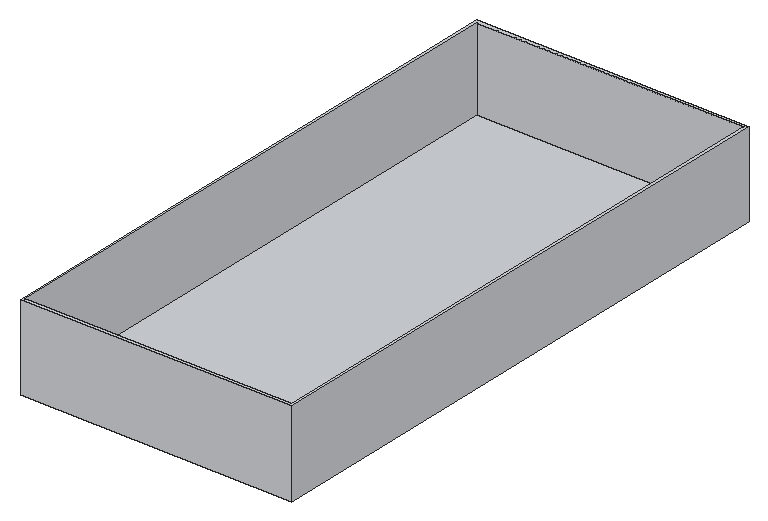
Revit family "Hager-Volta-IP30-Surface_mounted-empty-CH-en", category Electrical Equipment, host Face, Revit 2020
Family settings
  Host = Face
  Panel Configuration = Two Columns, Circuits Across
  Round Connector Dimension = Use Diameter
  Part Type = Panelboard
  Cut with Voids When Loaded = No
  Shared = No
  Room Calculation Point = No
Parameters (values of type "Surface mounted IP30 W305 H640 D96.5 12 Modular spacings - VA48MD")
  Width Control [instance] = if([HG000006 - Flush mounted], if([EF000846 - Built-in width] > min_whd, [EF000846 - Built-in width], min_whd), if([EF000008 - Width] > min_whd, ([EF000008 - Width]), min_whd))  # 305 mm
  Void Depth [instance] = if([HG000006 - Flush mounted], Depth Control, 1 mm)  # 1 mm
  Type Comments = [HG000003 - Range]  # "Volta"
  System Height [instance] = Height Control - 2 * [HG000005 - Thickness]  # 634 mm
  Model = [HG000004 - Manufacturer reference]  # "VA48MD"
  HG000017 - Distance between poles = 18 mm
  HG000016 - Door 3d visibility [instance] = yes
  HG000015 - Clearance visibility [instance] = no
  HG000014 - Door on the right [instance] = yes
  HG000013 - Door on the left [instance] = not([HG000014 - Door on the right])  # no
  HG000012 - Door swing angle [instance] = 45.00°
  HG000011 - Empty rows from bottom = no
  HG000010 - Asymmetric doors = no
  HG000009 - Double swing door = no
  HG000008 - Number of empty rows = 0
  HG000007 - Number of empty columns = 0
  HG000006 - Flush mounted = no
  HG000005 - Thickness = 3 mm  # constant formula
  HG000004 - Manufacturer reference = "VA48MD"
  HG000003 - Range = "Volta"
  HG000002 - With door or cover = no
  HG000001 - Number of columns = 0
  EF015941 - Signal passing door = no
  EF015777 - Neutral terminal block = no
  EF015776 - Earthing terminal block = no
  EF009212 - Cover model = "EV009916 - With notch"
  EF006306 - With lock = no
  EF006244 - Transparent cover/door = no
  EF005474 - Degree of protection (IP) = "EV006410 - IP30"
  EF004462 - Type of closure = ""
  EF002950 - Width in number of modular spacings = 12
  EF001596 - Material housing = ""
  EF001134 - DIN-rail = no
  EF001131 - Internal depth = 0 mm
  EF001088 - Extension possible = yes
  EF001062 - EMC-version = no
  EF000846 - Built-in width = 0 mm
  EF000339 - Type of cover = "EV000494 - None"
  EF000332 - Built-in height = 0 mm
  EF000266 - Number of rows = 0
  EF000218 - Built-in depth = 0 mm
  EF000118 - With mounting plate = yes
  EF000116 - RAL-number = "9010"
  EF000049 - Depth = 96 mm
  EF000040 - Height = 640 mm
  EF000008 - Width = 305 mm
  EF000007 - Colour = ""
  EF000003 - Mounting method = "EV000384 - Surface mounted (plaster)"
  Arrow Offset [instance] = Depth Control / 8  # 12 mm
  Arrow Height [instance] = Depth Control - Arrow Offset  # 84 mm
  Host Offset [instance] = if([HG000006 - Flush mounted], 0 mm, [EF000049 - Depth])  # 96 mm
  min_whd [instance] = (2 * [HG000005 - Thickness]) + 1 mm  # 7 mm
  Manufacturer = "Hager"  # constant formula
  Height Control [instance] = if([HG000006 - Flush mounted], if([EF000332 - Built-in height] > min_whd, [EF000332 - Built-in height], min_whd), if([EF000040 - Height] > min_whd, ([EF000040 - Height]), min_whd))  # 640 mm
  Flush Mounted - Door Frame Width [instance] = if(([EF000040 - Height] - [EF000332 - Built-in height]) > 0 mm, if([HG000006 - Flush mounted], [EF000040 - Height] - [EF000332 - Built-in height], 0 mm), 0 mm)  # 0 mm
  Depth Control [instance] = if([HG000006 - Flush mounted], if([EF000218 - Built-in depth] > 0 mm, [EF000218 - Built-in depth], 1 mm), if([EF000049 - Depth] > 0 mm, ([EF000049 - Depth]), 1 mm))  # 96 mm
  Default Elevation = 0 mm
Reference planes
  plane 1 "Center (Front/Back)": y = 0
  plane 2: z = 0
  plane 3 "Center (Left/Right)": x = 0
  plane 4: z = 96
  plane 5: y = 3
  plane 6: z = 91
  plane 7: y = 320
  plane 8: y = 0
  plane 9: y = 640
  plane 10: z = 0
  plane 11: x = -152.5
  plane 12: x = 152.5
  plane 13: x = 149.5
  plane 14: x = -149.5
  plane 15: y = 637
  plane 16: z = 3
  plane 17: z = 93
  plane 18: z = -1
  plane 19: z = 93
Forms (mm)
  Extrusion 1, solid
    sketch origin (-583.045, 0, 1219.2) x (-1, 0, 0) y (0, 0, 1)
      loop
        line (-430.545, -1123.2) -> (-735.545, -1123.2) -> (-735.545, -1219.2) -> (-430.545, -1219.2) -> (-430.545, -1123.2)
    from 0 to 640 <- "Height Control"
  Extrusion 2, void
    sketch origin (-381.607, -4572, 96) x (0, -1, 0) y (-1, 0, 0)
      loop
        line (-5209, -232.107) -> (-5209, -531.107) -> (-4575, -531.107) -> (-4575, -232.107) -> (-5209, -232.107)
    from 0 to 93
  Extrusion 3, void
    sketch origin (0, 0, 0) x (1, 0, 0) y (0, 1, 0)
      loop
        line (-152.5, 0) -> (152.5, 0) -> (152.5, 640) -> (-152.5, 640) -> (-152.5, 0)
    from -1 to 1
  Extrusion 4, solid, detail levels coarse+medium
    sketch origin (-381.607, -4572, 96) x (-1, 0, 0) y (0, -1, 0)
      loop
        line (-232.107, -5209) -> (-232.107, -4575) -> (-531.107, -4575) -> (-531.107, -5209) -> (-232.107, -5209)
    from 0 to -3
Cuts and joins
  Extrusion 2 cuts Extrusion 1
Dimensions and locks
  plane 4 to plane 6 = 5 mm
  "Host Offset": plane 4 to host face
  "Flush Mounted - Door Frame Width": plane 1 "Center (Front/Back)" to plane 8
  "HG000005 - Thickness": plane 5 to plane 8
  locked: connector elem to plane 3 "Center (Left/Right)"
  "Height Control": plane 9 to plane 8
  equal spacing: plane 9, plane 7, plane 8
  locked: connector elem to plane 7
  "Depth Control": plane 4 to plane 10
  "HG000005 - Thickness": plane 11 to plane 14
  "HG000005 - Thickness": plane 12 to plane 13
  equal spacing: plane 11, plane 3 "Center (Left/Right)", plane 12
  "Width Control": plane 11 to plane 12
  "Arrow Offset": nested 4 to plane 10
  "HG000005 - Thickness": plane 9 to plane 15
  "HG000005 - Thickness": plane 16 to plane 10
  "HG000005 - Thickness": plane 4 to plane 17
  "Void Depth": plane 2 to plane 18
  "HG000005 - Thickness": plane 4 to plane 19
  aligned and locked: plane 2 to host face
  aligned and locked: level to host face
  aligned and locked: plane 3 "Center (Left/Right)" to nested 2
  aligned and locked: plane 4 to nested 2
  aligned and locked: nested 2 to plane 8
  aligned and locked: nested 1 to plane 6
  aligned and locked: plane 5 to nested 1
  aligned and locked: nested 4 to plane 11
  aligned and locked: nested 3 to plane 4
  aligned and locked: Extrusion 1 sketch curve to plane 12
  aligned and locked: Extrusion 1 sketch curve to plane 11
  aligned and locked: nested 3 to plane 10
  aligned and locked: plane 10 to Extrusion 1 sketch curve
  aligned and locked: plane 5 to Extrusion 2 sketch curve
  aligned and locked: Extrusion 2 sketch curve to plane 15
  aligned and locked: Extrusion 2 sketch curve to plane 14
  aligned and locked: Extrusion 2 sketch curve to plane 13
  aligned and locked: plane 11 to Extrusion 3 sketch curve
  aligned and locked: plane 9 to Extrusion 3 sketch curve
  aligned and locked: Extrusion 3 sketch curve to plane 8
  aligned and locked: plane 12 to Extrusion 3 sketch curve
  aligned and locked: nested 3 to plane 12
  aligned and locked: Extrusion 3 to plane 18
  aligned and locked: Extrusion 2 to plane 16
  aligned and locked: Extrusion 1 sketch curve to plane 4
  aligned and locked: Extrusion 4 to plane 17
  aligned and locked: Extrusion 4 sketch curve to plane 15
  aligned and locked: Extrusion 4 sketch curve to plane 13
  aligned and locked: Extrusion 4 sketch curve to plane 14
  aligned and locked: plane 5 to Extrusion 4 sketch curve
Automatic sketch dimensions
  host sketch curve to host sketch curve = 1469.727 mm
  host sketch curve to host sketch curve = 1434.803 mm
Nested families
  nested 1: "Hager_Enclosure_System" at (0, 3, 91) x (1, 0, 0) z (0, 1, 0), Depth <- "HG000005 - Thickness", Height <- "System Height", Width <- "EF000008 - Width", Border <- "HG000005 - Thickness", Flush_Mounted <- "HG000006 - Flush mounted", Built-in_Width <- "EF000846 - Built-in width", Row_Module_Multiplicator <- "EF002950 - Width in number of modular spacings", Total_No_Empty_Rows <- "HG000008 - Number of empty rows", Total_No_Rows <- "EF000266 - Number of rows", Empty_Columns <- "HG000007 - Number of empty columns", Width_Control <- "Width Control", Empty_Rows_From_Bottom <- "HG000011 - Empty rows from bottom", Distance_Between_Poles <- "HG000017 - Distance between poles", Rows_Count <- "EF000266 - Number of rows", Columns_Count <- "HG000001 - Number of columns", type "Hager_Enclosure_System", detail levels fine
    with Width_Control 305 mm, Width 305 mm, Total_No_Rows 0, Total_No_Empty_Rows 0, Total_No_Columns 1, System_Width 299 mm, Rows_Count 0, Rows_Column 0, Row_Module_Multiplicator 12, Panel_4 no, Panel_3 no, Panel_2 no, Panel_1 no, No_Panels_Ctrl 1, Hide_Columns yes, Height 634 mm, Flush_Mounted no, Empty_Rows_From_Bottom no, Empty_Rows_Column 0, Empty_Columns 0, Distance_Between_Poles 18 mm, Depth 3 mm, Columns_Count 0, Column_Width 299 mm, Built-in_Width 0 mm, Border 3 mm
  nested 2: "Hager_Enclosure_Door" at (0, 0, 96) x (1, 0, 0) z (0, 1, 0), Border <- "HG000005 - Thickness", Door_Right <- "HG000014 - Door on the right", Flush_Mounted <- "HG000006 - Flush mounted", Depth <- "EF000049 - Depth", Width <- "EF000008 - Width", Door_Left <- "HG000013 - Door on the left", 3d_Door <- "HG000016 - Door 3d visibility", BuiltIn_Width <- "EF000846 - Built-in width", BuiltIn_Height <- "EF000332 - Built-in height", BuiltIn_Depth <- "EF000218 - Built-in depth", Angle <- "HG000012 - Door swing angle", Assymetrical <- "HG000010 - Asymmetric doors", Double <- "HG000009 - Double swing door", Clearance <- "HG000015 - Clearance visibility", Transparent <- "EF006244 - Transparent cover/door", Door <- "HG000002 - With door or cover", Height_Ctrl <- "Height Control", Width_Ctrl <- "Width Control", Height <- "EF000040 - Height", type "Hager_Enclosure_Door", detail levels medium+fine
    with min_wh 7 mm, Width_Ctrl 305 mm, Width 305 mm, Transparent_Door_No_Bottom_Border no, Transparent no, Leaf_Width 296 mm, Leaf_Tolerance 1.5 mm, Leaf_Height 631 mm, Leaf_2_Width 296 mm, Leaf_2_Offset 148 mm, Leaf_1_Width 296 mm, Leaf_1_Offset 148 mm, Height_Ctrl 640 mm, Height 640 mm, Frame_Width_Ctrl 305 mm, Frame_Width 305 mm, Frame_Internal_Offset 0 mm, Frame_Height_Ctrl 640 mm, Frame_Height 640 mm, Frame_Depth_Ctrl 1 mm, Frame_Depth 0 mm, Flush_Mounted no, Double_Clearance_Ctrl no, Double no, Door_Right_Ctrl no, Door_Right yes, Door_Left_Ctrl no, Door_Left no, Door no, Depth 96 mm, Clearance_Depth 296 mm, Clearance_Ctrl no, Clearance no, BuiltIn_Width 0 mm, BuiltIn_Height 0 mm, BuiltIn_Depth 0 mm, Border 3 mm, Assymetrical no, Angle 45.00°, 3d_Door yes
  nested 3: "Hager_Enclosure_Symbol_Triangle" at (-152.5, 0, 0) x (1, 0, 0) z (0, -1, 0), Depth <- "Depth Control", Width <- "Width Control", type "Hager_Enclosure_Symbol_Triangle"
    with Width_Ctrl 305 mm, Width 305 mm, Depth_Ctrl 96 mm, Depth 96 mm
  nested 4: "Hager_Enclosure_Symbol_Arrow" at (-152.5, 0, 12) x (1, 0, 0) z (0, -1, 0), Height <- "Arrow Height", type "Hager_Enclosure_Symbol_Arrow"
    with Width_Inside 6.3 mm, Width 75.6 mm, Height_Ctrl 84 mm, Height 84 mm
Connectors
  electrical at (0, 320, 0)
    settings: on plane 10, index 1, voltage 0 V, apparent load 0 VA, apparent load phase1 0 VA, apparent load phase2 0 VA, apparent load phase3 0 VA, power factor 1, load classification "Other", number of poles 1, system type 30, power factor state 1, is connector primary yes, connector utility no, sub classification motor no, connector description ""
Definition of nested family "Hager_Enclosure_Door"
  Parameters (values of type "Hager_Enclosure_Door")
    min_wh [instance] = (2 * Border) + 1 mm  # 11 mm
    Width_Ctrl [instance] = 400 mm
    Width [instance] = 500 mm
    Transparent_Door_No_Bottom_Border [instance] = no
    Transparent [instance] = yes
    Leaf_Width [instance] = if((Width_Ctrl - 2 * Border - 2 * Leaf_Tolerance) > 0 mm, (Width_Ctrl - 2 * Border - 2 * Leaf_Tolerance), min_wh)  # 387 mm
    Leaf_Tolerance [instance] = 1.5 mm  # constant formula
    Leaf_Height [instance] = if((Height_Ctrl - 2 * Border - 2 * Leaf_Tolerance) > 0 mm, (Height_Ctrl - 2 * Border - 2 * Leaf_Tolerance), min_wh)  # 387 mm
    Leaf_2_Width [instance] = if(and(and(Double, Assymetrical), Door_Left), (Leaf_Width / 3) - (Leaf_Tolerance / 2), if(and(and(Double, Assymetrical), Door_Right), (Leaf_Width / 3) * 2 - (Leaf_Tolerance / 2), if(and(Double, not(Assymetrical)), (Leaf_Width / 2) - Leaf_Tolerance, Leaf_Width)))  # 387 mm
    Leaf_2_Offset [instance] = if(and(Double, Assymetrical), Leaf_2_Width / 2, if(and(Double, not(Assymetrical)), Leaf_Width / 4, Leaf_Width / 2))  # 193.5 mm
    Leaf_1_Width [instance] = if(and(and(Double, Assymetrical), Door_Right), (Leaf_Width / 3) - (Leaf_Tolerance / 2), if(and(and(Double, Assymetrical), Door_Left), (Width / 3) * 2 - (Leaf_Tolerance / 2), if(and(Double, not(Assymetrical)), (Leaf_Width / 2) - Leaf_Tolerance, Leaf_Width)))  # 387 mm
    Leaf_1_Offset [instance] = if(and(Double, Assymetrical), Leaf_1_Width / 2, if(and(Double, not(Assymetrical)), Leaf_Width / 4, Leaf_Width / 2))  # 193.5 mm
    Height_Ctrl [instance] = 400 mm
    Height [instance] = 500 mm
    Frame_Width_Ctrl [instance] = if(Frame_Width > 0 mm, Frame_Width, 1 mm)  # 1 mm
    Frame_Width [instance] = Width - BuiltIn_Width  # 0 mm
    Frame_Internal_Offset [instance] = if(Flush_Mounted, Border, 0 mm)  # 5 mm
    Frame_Height_Ctrl [instance] = if(Frame_Height > 0 mm, Frame_Height, 1 mm)  # 1 mm
    Frame_Height [instance] = Height - BuiltIn_Height  # 0 mm
    Frame_Depth_Ctrl [instance] = if(Frame_Depth > 0 mm, Frame_Depth, 1 mm)  # 1 mm
    Frame_Depth [instance] = if(Depth - BuiltIn_Depth > 0 mm, if(Flush_Mounted, Depth - BuiltIn_Depth, 0 mm), 0 mm)  # 0 mm
    Flush_Mounted [instance] = yes
    Double_Clearance_Ctrl [instance] = and(Double, Clearance)  # no
    Double [instance] = no
    Door_Right_Ctrl [instance] = and(or(Door_Right, Double), Door)  # yes
    Door_Right [instance] = yes
    Door_Left_Ctrl [instance] = and(or(Door_Left, Double), Door)  # no
    Door_Left [instance] = no
    Door [instance] = yes
    Depth [instance] = 500 mm
    Default Elevation = 1219.2 mm
    Clearance_Material = none
    Clearance_Depth [instance] = if(Leaf_1_Width > Leaf_2_Width, Leaf_1_Width, Leaf_2_Width)  # 387 mm
    Clearance_Ctrl [instance] = and(not(Double), Clearance)  # yes
    Clearance [instance] = yes
    BuiltIn_Width [instance] = 500 mm
    BuiltIn_Height [instance] = 500 mm
    BuiltIn_Depth [instance] = 500 mm
    Border [instance] = 5 mm
    Assymetrical [instance] = yes
    Angle [instance] = 30.00°
    3d_Door [instance] = yes
  Reference planes
    plane 1 "Center (Front/Back)": y = 0
    plane 2 "Bottom": z = 0
    plane 3 "Center (Left/Right)": x = 0
    plane 4: z = 400
    plane 5: x = -200
    plane 6: x = 200
    plane 7: z = 395
    plane 8: x = -195
    plane 9: z = 5
    plane 10: x = 195
    plane 11: y = 0
    plane 12: z = 6.5
    plane 13: x = -582
    plane 14: y = -387
    plane 15: x = 582
    plane 16: x = 0
    plane 17: x = 0
    plane 18: x = -193.5
    plane 19: x = 193.5
    plane 20: z = 393.5
  Forms (mm)
    Extrusion 1, solid, visible <- "Flush_Mounted"
      sketch origin (0, 0, 0) x (1, 0, 0) y (0, 0, 1)
        loop
          line (195, 5) -> (195, 395) -> (-195, 395) -> (-195, 5) -> (195, 5)
        loop
          line (-201, 401) -> (-201, -1) -> (201, -1) -> (201, 401) -> (-201, 401)
      from 0 to 1 <- "Frame_Depth_Ctrl"
    Extrusion 2, solid, material <- "Clearance_Material", visible <- "Double_Clearance_Ctrl"
      sketch origin (1200, 0, 0) x (1, 0, 0) y (0, 0, -1)
        loop
          line (-1782, -393.5) -> (-618, -393.5) -> (-618, 0) -> (-1782, 0) -> (-1782, -393.5)
      from 0 to -387
  Dimensions and locks
    equal spacing: plane 5, plane 3 "Center (Left/Right)", plane 6
    "Width_Ctrl": plane 5 to plane 6
    "Border": plane 5 to plane 8
    "Border": plane 6 to plane 10
    "Border": plane 9 to level
    "Border": plane 4 to plane 7
    "Height_Ctrl": plane 4 to level
    "Leaf_Tolerance": plane 12 to plane 9
    "Frame_Depth": plane 11 to plane 1 "Center (Front/Back)"
    "Frame_Width_Ctrl": plane 5 to Extrusion 1 sketch curve
    "Frame_Width_Ctrl": plane 6 to Extrusion 1 sketch curve
    "Frame_Width_Ctrl": Extrusion 1 sketch curve to plane 4
    "Frame_Width_Ctrl": plane 2 "Bottom" to Extrusion 1 sketch curve
    "Leaf_1_Offset": plane 18 to plane 16
    "Leaf_2_Offset": plane 17 to plane 19
    "Leaf_1_Width": plane 13 to plane 8
    "Leaf_2_Width": plane 10 to plane 15
    "Clearance_Depth": plane 14 to plane 1 "Center (Front/Back)"
    "Leaf_Tolerance": plane 8 to plane 18
    "Leaf_Tolerance": plane 19 to plane 10
    "Leaf_Tolerance": plane 7 to plane 20
    "Frame_Internal_Offset": plane 5 to Extrusion 1 sketch curve
    "Frame_Internal_Offset": Extrusion 1 sketch curve to plane 2 "Bottom"
    "Frame_Internal_Offset": plane 6 to Extrusion 1 sketch curve
    "Frame_Internal_Offset": plane 4 to Extrusion 1 sketch curve
    aligned and locked: level to plane 2 "Bottom"
    aligned and locked: nested 1 to plane 16
    aligned and locked: nested 2 to plane 17
    aligned and locked: Extrusion 2 to plane 13
    aligned and locked: plane 15 to Extrusion 2
    aligned and locked: Extrusion 2 to plane 14
    aligned and locked: plane 12 to nested 1
    aligned and locked: nested 2 to plane 12
    aligned and locked: Extrusion 2 to plane 11
    aligned and locked: plane 20 to Extrusion 2
    aligned and locked: nested 2 to plane 11
    aligned and locked: nested 1 to plane 11
  Automatic sketch dimensions
    Extrusion 2 sketch curve to level = 0 mm
    plane 5 to Extrusion 2 sketch curve = 382 mm
    plane 6 to Extrusion 2 sketch curve = 382 mm
    Extrusion 2 sketch curve to plane 4 = 6.5 mm
  Nested families
    nested 1: "Hager_Enclosure_Door_Leaf" at (0, 0, 6.5), Width <- "Leaf_1_Width", visible <- "Door_Left_Ctrl", Leaf_Height <- "Leaf_Height", Angle <- "Angle", Depth <- "Border", 3d_Door <- "3d_Door", Transparent <- "Transparent", Clearance Material <- "Clearance_Material", Clearance <- "Clearance_Ctrl", Transparent_Door_No_Bottom_Border <- "Transparent_Door_No_Bottom_Border", type "Hager_Enclosure_Door_Leaf"
      with Width 387 mm, Transparent_Door_No_Bottom_Border no, Transparent_Door_Border_Bottom_Top 25 mm, Transparent_Door_Border 25 mm, Transparent_Ctrl yes, Transparent yes, Standard no, Leaf_Height 387 mm, Glass_Offset 1 mm, Depth 5 mm, Clearance Material none, Clearance yes, Angle_Ctrl 30.00°, Angle 30.00°, 3d_Door yes
    nested 2: "Hager_Enclosure_Door_Leaf" at (0, 0, 6.5) x (-1, 0, 0) z (0, 0, 1), Width <- "Leaf_2_Width", visible <- "Door_Right_Ctrl", Leaf_Height <- "Leaf_Height", Angle <- "Angle", Depth <- "Border", 3d_Door <- "3d_Door", Transparent <- "Transparent", Clearance Material <- "Clearance_Material", Clearance <- "Clearance_Ctrl", Transparent_Door_No_Bottom_Border <- "Transparent_Door_No_Bottom_Border", type "Hager_Enclosure_Door_Leaf"
      with Width 387 mm, Transparent_Door_No_Bottom_Border no, Transparent_Door_Border_Bottom_Top 25 mm, Transparent_Door_Border 25 mm, Transparent_Ctrl yes, Transparent yes, Standard no, Leaf_Height 387 mm, Glass_Offset 1 mm, Depth 5 mm, Clearance Material none, Clearance yes, Angle_Ctrl 30.00°, Angle 30.00°, 3d_Door yes
  Definition of nested family "Hager_Enclosure_Door_Leaf"
    Parameters (values of type "Hager_Enclosure_Door_Leaf")
      Width [instance] = 2000 mm
      Transparent_Door_No_Bottom_Border [instance] = yes
      Transparent_Door_Border_Bottom_Top [instance] = if(Transparent_Door_No_Bottom_Border, 0.1 mm, Transparent_Door_Border)  # 0.1 mm
      Transparent_Door_Border [instance] = if(Transparent_Door_No_Bottom_Border, (Width * 0.12), 25 mm)  # 240 mm
      Transparent_Ctrl [instance] = and(Transparent, [3d_Door])  # yes
      Transparent [instance] = yes
      Standard [instance] = and(not(Transparent), [3d_Door])  # no
      Leaf_Height [instance] = 2720.336 mm
      Glass_Offset [instance] = if((Depth - 10 mm) / 2 > 0 mm, (Depth - 10 mm) / 2, 1 mm)  # 15 mm
      Glass_Material = none
      Depth [instance] = 40 mm
      Default Elevation = 0 mm
      Clearance Material [instance] = none
      Clearance [instance] = yes
      Angle_Ctrl [instance] = if(Angle > 170.00°, 170.00°, Angle)  # 45.00°
      Angle [instance] = 45.00°
      3d_Door [instance] = yes
    Reference planes
      plane 1 "Center (Front/Back)": y = 0
      plane 2: z = 0
      plane 3 "Center (Left/Right)": x = 0
      plane 4: y = 2000
      plane 5: x = -1000
      plane 6: x = 1000
      plane 7: x = -3000
      plane 8: z = 2720.336
      plane 9: z = 0.1
      plane 10: z = 2720.236
      plane 11: x = 760
      plane 12: x = -760
    Forms (mm)
      Extrusion 1, solid, material <- "Clearance Material", visible <- "Clearance"
        sketch origin (0, 0, 0) x (1, 0, 0) y (0, 0, 1)
          loop
            line (-3000, 2720.336) -> (-3000, 0) -> (1000, 0) -> (1000, 2720.336) -> (-3000, 2720.336)
        from 0 to -2000
      Extrusion 2, solid, visible <- "Standard", detail levels medium+fine
        sketch origin (-1000, 0, 0) x (0.707107, 0.707107, 0) y (-0.707107, 0.707107, 0)
          loop
            line (0, -40) -> (2000, -40) -> (2000, 0) -> (0, 0) -> (0, -40)
        from 0 to 2720.336 <- "Leaf_Height"
      Extrusion 3, solid, visible <- "Transparent_Ctrl", detail levels medium+fine
        sketch origin (-1000, 0, 0) x (0.707107, 0.707107, 0) y (-0.707107, 0.707107, 0)
          loop
            line (0, -40) -> (2000, -40) -> (2000, 0) -> (0, 0) -> (0, -40)
        from 0 to 2720.336 <- "Leaf_Height"
      Extrusion 4, void, detail levels medium+fine
        sketch origin (-1000, 0, 0) x (-0.707107, 0.707107, 0) y (0.707107, 0.707107, 0)
          loop
            line (0, 240) -> (0, 1760) -> (-40, 1760) -> (-40, 240) -> (0, 240)
        from -2720.236 to -0.1
      Extrusion 5, solid, material <- "Glass_Material", visible <- "Transparent_Ctrl", detail levels medium+fine
        sketch origin (-1000, 0, 0) x (0.707107, 0.707107, 0) y (-0.707107, 0.707107, 0)
          loop
            line (240, -15) -> (240, -25) -> (1760, -25) -> (1760, -15) -> (240, -15)
        from 0.1 to 2720.236
    Cuts and joins
      Extrusion 4 cuts Extrusion 3
    Lines and regions (mm)
      symbolic lines
        curve 1: line (1000, 0, 0) -> (-3000, 0, 0)
        curve 2: arc (1000, 0, 0) -> (-1000, 2000, 0) -> (-3000, 0, 0) r 2000
        curve 4: line (-1000, 0, 0) -> (414.214, 1414.214, 0)
      reference lines
        curve 3: line (-1000, 0, 0) -> (414.214, 1414.214, 0)
      symbolic lines, detail levels medium+fine
        curve 5: line (414.214, 1414.214, 0) -> (442.498, 1385.929, 0)
        curve 6: line (442.498, 1385.929, 0) -> (-971.716, -28.284, 0)
        curve 7: line (-971.716, -28.284, 0) -> (-1000, 0, 0)
        curve 8: line (-1000, 0, 2720.336) -> (1000, 0, 2720.336)
        curve 9: line (-1000, 0, 0) -> (-1000, 0, 2720.336)
        curve 10: line (1000, 0, 0) -> (-1000, 0, 0)
        curve 11: line (1000, 0, 2720.336) -> (1000, 0, 0)
      symbolic lines, visible <- "Transparent_Ctrl", detail levels medium+fine
        curve 12: line (-760, 0, 2720.236) -> (760, 0, 2720.236)
        curve 13: line (-760, 0, 0.1) -> (-760, 0, 2720.236)
        curve 14: line (760, 0, 0.1) -> (-760, 0, 0.1)
        curve 15: line (760, 0, 2720.236) -> (760, 0, 0.1)
    Dimensions and locks
      "Width": plane 1 "Center (Front/Back)" to plane 4
      equal spacing: plane 5, plane 3 "Center (Left/Right)", plane 6
      "Width": plane 5 to plane 6
      "Width": plane 7 to plane 5
      "Leaf_Height": plane 8 to level
      "Depth": curve 6 to curve 3
      "Width": curve 5 to curve 3
      "Width": curve 3 to curve 3
      "Transparent_Door_Border": Extrusion 4 sketch curve to curve 7
      "Transparent_Door_Border": Extrusion 4 sketch curve to curve 5
      "Transparent_Door_Border_Bottom_Top": plane 8 to plane 10
      "Transparent_Door_Border_Bottom_Top": plane 9 to level
      "Glass_Offset": Extrusion 5 sketch curve to curve 4
      "Glass_Offset": Extrusion 5 sketch curve to curve 6
      "Transparent_Door_Border": Extrusion 5 sketch curve to curve 5
      "Transparent_Door_Border": Extrusion 5 sketch curve to curve 7
      "Transparent_Door_Border": plane 12 to plane 5
      "Transparent_Door_Border": plane 6 to plane 11
      "Angle_Ctrl": angle plane 1 "Center (Front/Back)" to curve 3
      aligned and locked: level to plane 2
      aligned and locked: Extrusion 1 to curve 1
      aligned and locked: plane 6 to Extrusion 1
      aligned and locked: Extrusion 1 to plane 1 "Center (Front/Back)"
      aligned and locked: plane 4 to Extrusion 1
      aligned and locked: plane 8 to Extrusion 1
      aligned and locked: curve 4 to curve 3
      aligned and locked: Extrusion 2 sketch curve to curve 7
      aligned and locked: Extrusion 2 sketch curve to curve 6
      aligned and locked: Extrusion 2 sketch curve to curve 5
      aligned and locked: Extrusion 2 sketch curve to curve 3
      aligned and locked: curve 7 to Extrusion 3 sketch curve
      aligned and locked: Extrusion 3 sketch curve to curve 4
      aligned and locked: Extrusion 3 sketch curve to curve 6
      aligned and locked: Extrusion 3 sketch curve to curve 5
      aligned and locked: curve 4 to Extrusion 4 sketch curve
      aligned and locked: curve 6 to Extrusion 4 sketch curve
      aligned and locked: Extrusion 4 to plane 9
      aligned and locked: Extrusion 4 to plane 10
      aligned and locked: Extrusion 5 to plane 9
      aligned and locked: Extrusion 5 to plane 10
      aligned and locked: curve 8 to plane 8
      aligned and locked: plane 5 to curve 9
      aligned and locked: plane 2 to curve 10
      aligned and locked: curve 11 to plane 6
      aligned and locked: plane 10 to curve 12
      aligned and locked: plane 12 to curve 13
      aligned and locked: curve 14 to plane 9
      aligned and locked: plane 11 to curve 15
    Automatic sketch dimensions
      plane 1 "Center (Front/Back)" to curve 2 = 0 mm
      curve 2 to plane 5 = 0 mm
      Extrusion 1 sketch curve to level = 0 mm
      Extrusion 1 sketch curve to plane 7 = 0 mm
      Extrusion 1 sketch curve to plane 6 = 0 mm
      Extrusion 1 sketch curve to plane 8 = 0 mm
      plane 1 "Center (Front/Back)" to curve 3 = 0 mm
      curve 3 to plane 5 = 0 mm
      curve 7 to curve 3 = 0 mm
Definition of nested family "Hager_Enclosure_Symbol_Triangle"
  Parameters (values of type "Hager_Enclosure_Symbol_Triangle")
    Width_Ctrl [instance] = if(Width > 1 mm, Width, 1 mm)  # 498 mm
    Width [instance] = 498 mm
    Depth_Ctrl [instance] = if(Depth > 1 mm, Depth, 1 mm)  # 72 mm
    Depth [instance] = 72 mm
  Reference planes
    plane 1 "Centre (avant/arrière)": y = 0
    plane 2: z = 0
    plane 3 "Centre (gauche/droite)": x = 0
  Lines and regions (mm)
    Filled region 1, type "Solid_Black", in view "Niveau de réf."
      outline origin (0, 0, 0) x (1, 0, 0) y (0, 1, 0)
        loop
          line (0, 0) -> (498, 0) -> (498, 72) -> (0, 0)
    reference lines, in view "Niveau de réf."
      curve 1: line (-206.153, 72, 0) -> (1083.258, 72, 0)
      curve 2: line (498, 405.456, 0) -> (498, -517.619, 0)
  Dimensions and locks
    "Depth_Ctrl": plane 1 "Centre (avant/arrière)" to curve 1
    "Width_Ctrl": plane 3 "Centre (gauche/droite)" to curve 2
    aligned and locked: curve 1 to Filled region 1 sketch curve
    aligned and locked: Filled region 1 sketch curve to plane 1 "Centre (avant/arrière)"
    aligned and locked: curve 2 to Filled region 1 sketch curve
    aligned and locked: plane 3 "Centre (gauche/droite)" to Filled region 1 sketch curve
    aligned and locked: plane 1 "Centre (avant/arrière)" to Filled region 1 sketch curve
  Automatic sketch dimensions
    curve 1 to plane 3 "Centre (gauche/droite)" = 206.153 mm
    curve 2 to curve 1 = 585.258 mm
    plane 1 "Centre (avant/arrière)" to curve 2 = 517.619 mm
    curve 2 to plane 1 "Centre (avant/arrière)" = 405.456 mm
Definition of nested family "Hager_Enclosure_Symbol_Arrow"
  Parameters (values of type "Hager_Enclosure_Symbol_Arrow")
    Width_Inside [instance] = if(Width / 12 > 2 mm, Width / 12, 2 mm)  # 4.987 mm
    Width [instance] = if(Height_Ctrl * 0.9 > 2 mm, Height_Ctrl * 0.9, 2 mm)  # 59.85 mm
    Height_Ctrl [instance] = if(Height > 2 mm, Height, 2 mm)  # 66.5 mm
    Height [instance] = 66.5 mm
  Reference planes
    plane 1 "Centre (avant/arrière)": y = 0
    plane 2: z = 0
    plane 3 "Centre (gauche/droite)": x = 0
    plane 4: x = 59.85
    plane 5: y = 28.263
    plane 6: y = 38.238
    plane 7: y = 66.5
    plane 8: x = 29.925
    plane 9: y = 33.25
  Lines and regions (mm)
    Filled region 1, type "Solid_Black", in view "Niveau de réf."
      outline origin (0, 0, 0) x (1, 0, 0) y (0, 1, 0)
        loop
          line (59.85, 66.5) -> (37.929, 52.827) -> (51.846, 41.935) -> (59.85, 66.5)
    detail lines, in view "Niveau de réf."
      curve 1: line (0, 0, 0) -> (29.925, 38.238, 0)
      curve 2: line (29.925, 38.238, 0) -> (29.925, 28.263, 0)
      curve 3: line (29.925, 28.263, 0) -> (59.85, 66.5, 0)
  Dimensions and locks
    "Width": plane 3 "Centre (gauche/droite)" to plane 4
    "Height_Ctrl": plane 7 to plane 1 "Centre (avant/arrière)"
    equal spacing: plane 3 "Centre (gauche/droite)", plane 8, plane 4
    equal spacing: plane 7, plane 9, plane 1 "Centre (avant/arrière)"
    equal spacing: plane 6, plane 9, plane 5
    "Width_Inside": plane 6 to plane 9
    equal spacing: curve 3, Filled region 1 sketch curve, Filled region 1 sketch curve
    angle Filled region 1 sketch curve to curve 3 = 20.00°
    angle curve 3 to Filled region 1 sketch curve = 20.00°
    locked: curve 3 to Filled region 1 sketch curve (angle 90.00°)
  Automatic sketch dimensions
    plane 1 "Centre (avant/arrière)" to curve 1 = 0 mm
    curve 1 to plane 3 "Centre (gauche/droite)" = 0 mm
    curve 2 to plane 6 = 0 mm
    curve 3 to plane 8 = 0 mm
    curve 3 to plane 4 = 0 mm
    curve 2 to plane 5 = 0 mm
    curve 3 to plane 7 = 0 mm
    Filled region 1 sketch curve to plane 4 = 0 mm
    Filled region 1 sketch curve to plane 7 = 0 mm
